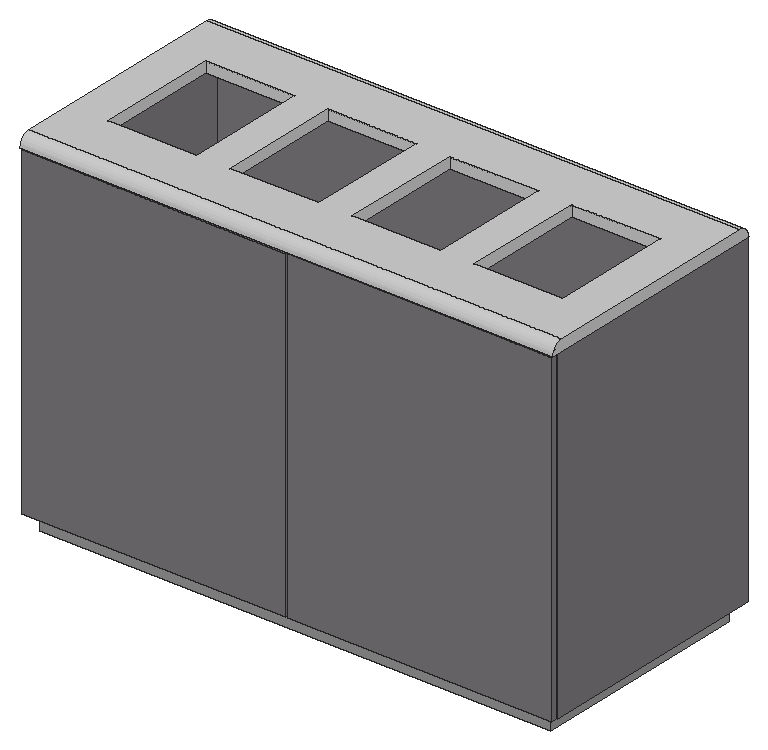
Revit family "PPP-NexSentials-ReForm-Waste_Receptacle", category Furniture, Revit 2014
Parameters (values of type "RF48, Waste Rec")
  op 4 = 36 1/2"  # constant formula
  op 3 = if(Width = 36", 25", 25 1/2")  # 25 1/2"
  op 2 = if(Width = 24", 13 1/2", if(Width = 36", 14", 14 1/2"))  # 14 1/2"
  Width = 48"
  URL = "www.peterpepper.com"
  Type Comments = "ReForm"  # constant formula
  Series = "NexSentials"  # constant formula
  Salvage or Reuse = yes
  Percentage of Recycled Content = 0
  Open 4 = if(Width = 48", 31", 28")  # 31"
  Open 3 = if(Width > 35", 31", 28")  # 31"
  op 1 = if(Width = 24", 2 1/2", if(Width = 36", 3", 3 1/2"))  # 3 1/2"
  Model = "RF48"
  Material = ""
  Manufacturer = "PPP"  # constant formula
  Low Emitting Material = yes
  Low Emitting Finish = yes
  Keynote = "12500"
  Height = 32"
  Glides = PPP Plastic - Black
  Doors = PPP Laminate - Graphite 8829-58
  Description = "Waste Receptacle, Top Opening,  48\"w x 32\"h x 22\"d"
  Depth = 22"
  Body [instance] = PPP Laminate - Graphite 8829-58
  Top [instance] = PPP Metal - Aluminum Metallic
  Assembly Code = "E2020200"
  4 opn = yes
  2 Panel = yes
  1 Panel = no
Types (3): name | op 3 | op 2 | Width | Open 4 | Open 3 | op 1 | Model | Description | 4 opn | 2 Panel | 1 Panel
  RF24, Waste Rec | 25 1/2" | 13 1/2" | 24" | 28" | 28" | 2 1/2" | "RF24" | "Waste Receptacle, Top Opening, 24\"w x 32\"h x 22\"d" | no | no | yes
  RF48, Waste Rec | 25 1/2" | 14 1/2" | 48" | 31" | 31" | 3 1/2" | "RF48" | "Waste Receptacle, Top Opening,  48\"w x 32\"h x 22\"d" | yes | yes | no
  RF36, Waste Rec | 25" | 14" | 36" | 28" | 31" | 3" | "RF36" | "Waste Receptacle, Top Opening,  36\"w x 32\"h x 22\"d" | no | yes | no
Reference planes (in)
  plane 1 "Center Front/Back": y = 0
  plane 2: z = 0
  plane 3 "Center Left/Right": x = 12
  plane 4: y = 11
  plane 5: y = -11
  plane 6: x = 36
  plane 7: x = -12
  plane 8: z = 32
  plane 9: z = 1.5
  plane 10: x = 35.5
  plane 11: y = 10.5
  plane 12: x = -11.5
  plane 13: y = -10.5
  plane 14: z = 31
  plane 15: z = 29.27781
  plane 16: z = 31
  plane 17: z = 31
  plane 18: z = 32
  plane 19: z = 32
Forms (in)
  Extrusion 1, solid, material "PPP Plastic - Black" <- "Glides"
    sketch origin (-12.7212, -180, 32) x (-1, 0, 0) y (0, -1, 0)
      loop
        line (-1.7212, -190) -> (-1.7212, -170) -> (-47.7212, -170) -> (-47.7212, -190) -> (-1.7212, -190)
    from -32 to -30.5
  Extrusion 2, solid, material "PPP Laminate - Graphite 8829-58" <- "Body"
    sketch origin (-12.7212, -180, 32) x (-1, 0, 0) y (0, -1, 0)
      loop
        line (-0.7212, -191) -> (-0.7212, -169.5) -> (-1.2212, -169.5) -> (-1.2212, -190.5) -> (-48.2212, -190.5) -> (-48.2212, -169.5) -> (-48.7212, -169.5) -> (-48.7212, -191) -> (-0.7212, -191)
    from -30.5 to -1
  Extrusion 3, solid, material "PPP Metal - Aluminum Metallic" <- "Top"
    sketch origin (12, 0, 0) x (0, 1, 0) y (0, 0, 1)
      loop
        line (-11, 31) -> (11, 31)
        arc (11, 31) -> (10.70711, 31.70711) -> (10, 32) r 1
        line (10, 32) -> (-10, 32)
        arc (-10, 32) -> (-10.70711, 31.70711) -> (-11, 31) r 1
    from -24 to 24
  Extrusion 4, void
    sketch origin (-0.65515, -180, 32) x (-1, 0, 0) y (0, -1, 0)
      loop
        line (7.84485, -174.5) -> (-0.15515, -174.5) -> (-0.15515, -185.5) -> (7.84485, -185.5) -> (7.84485, -174.5)
    from -1 to 0
  Extrusion 5, void
    sketch origin (28.34485, -180, 32) x (-1, 0, 0) y (0, -1, 0)
      loop
        line (14.84485, -174.5) -> (6.84485, -174.5) -> (6.84485, -185.5) -> (14.84485, -185.5) -> (14.84485, -174.5)
    from -1 to 0
  Extrusion 6, void
    sketch origin (56.34485, -180, 32) x (-1, 0, 0) y (0, -1, 0)
      loop
        line (31.84485, -174.5) -> (23.84485, -174.5) -> (23.84485, -185.5) -> (31.84485, -185.5) -> (31.84485, -174.5)
    from -1 to 0
  Extrusion 7, void
    sketch origin (-12.7212, -180, 31) x (-1, 0, 0) y (0, -1, 0)
      loop
        line (-15.2212, -174.5) -> (-23.2212, -174.5) -> (-23.2212, -185.5) -> (-15.2212, -185.5) -> (-15.2212, -174.5)
    from 0 to 1
Cuts and joins
  Extrusion 4, Extrusion 5, Extrusion 6, Extrusion 7 cuts Extrusion 3
Lines and regions (in)
  symbolic lines
    curve 1: line (-12, 11, 32) -> (36, 11, 32)
    curve 2: line (-12, -11, 32) -> (-12, 11, 32)
    curve 3: line (36, -11, 32) -> (-12, -11, 32)
    curve 4: line (36, 11, 32) -> (36, -11, 32)
    curve 11: line (-0.5, 5.5, 31) -> (-8.5, 5.5, 31)
    curve 12: line (-8.5, 5.5, 31) -> (-8.5, -5.5, 31)
    curve 13: line (-8.5, -5.5, 31) -> (-0.5, -5.5, 31)
    curve 14: line (-0.5, -5.5, 31) -> (-0.5, 5.5, 31)
    curve 15: line (2.5, 5.5, 31) -> (2.5, -5.5, 31)
    curve 16: line (10.5, 5.5, 31) -> (2.5, 5.5, 31)
    curve 17: line (10.5, -5.5, 31) -> (10.5, 5.5, 31)
    curve 18: line (2.5, -5.5, 31) -> (10.5, -5.5, 31)
  symbolic lines, style "FurnitureHiddenLines", visible <- "1 Panel", detail levels medium+fine
    curve 5: line (-12, -11, 32) -> (32.78461, -28.27248, 32)
    curve 6: arc (36, -11, 32) -> (35.18931, -19.78461, 32) -> (32.78461, -28.27248, 32) r 48
  symbolic lines, style "FurnitureHiddenLines", visible <- "2 Panel", detail levels medium+fine
    curve 7: line (-12, -11, 32) -> (10.3923, -19.63624, 32)
    curve 8: arc (12, -11, 32) -> (11.59465, -15.3923, 32) -> (10.3923, -19.63624, 32) r 24
    curve 9: line (36, -11, 32) -> (13.6077, -19.63624, 32)
    curve 10: arc (12, -11, 32) -> (12.40535, -15.3923, 32) -> (13.6077, -19.63624, 32) r 24
  symbolic lines, visible <- "2 Panel"
    curve 19: line (13.5, -5.5, 31) -> (21.5, -5.5, 31)
    curve 20: line (13.5, 5.5, 31) -> (13.5, -5.5, 31)
    curve 21: line (21.5, 5.5, 31) -> (13.5, 5.5, 31)
    curve 22: line (21.5, -5.5, 31) -> (21.5, 5.5, 31)
  symbolic lines, visible <- "4 opn"
    curve 23: line (24.5, -5.5, 31) -> (32.5, -5.5, 31)
    curve 24: line (24.5, 5.5, 31) -> (24.5, -5.5, 31)
    curve 25: line (32.5, 5.5, 31) -> (24.5, 5.5, 31)
    curve 26: line (32.5, -5.5, 31) -> (32.5, 5.5, 31)
Dimensions and locks (in)
  equal spacing: plane 7, plane 3 "Center Left/Right", plane 6
  equal spacing: plane 4, plane 1 "Center Front/Back", plane 5
  "Depth": plane 4 to plane 5
  "Width": plane 7 to plane 6
  "Height": plane 8 to plane 2
  locked: plane 9 to plane 2 at 1.5
  locked: plane 7 to plane 12 at 0.5
  locked: plane 10 to plane 6 at 0.5
  locked: plane 4 to plane 11 at 0.5
  locked: plane 13 to plane 5 at 0.5
  locked: plane 4 to Extrusion 1 sketch curve at 1
  locked: Extrusion 1 sketch curve to plane 5 at 1
  locked: plane 7 to Extrusion 1 sketch curve at 1
  locked: Extrusion 1 sketch curve to plane 6 at 1
  locked: plane 8 to plane 14 at 1
  locked: Extrusion 4 sketch curve to Extrusion 4 sketch curve at 8
  locked: Extrusion 4 sketch curve to Extrusion 4 sketch curve at 11
  locked: Extrusion 5 sketch curve to Extrusion 5 sketch curve at 8
  locked: Extrusion 5 sketch curve to Extrusion 5 sketch curve at 11
  locked: Extrusion 6 sketch curve to Extrusion 6 sketch curve at 8
  locked: Extrusion 6 sketch curve to Extrusion 6 sketch curve at 11
  "Open 4": plane 17 to level
  plane 18 to plane 17 = 1"
  locked: plane 19 to plane 16 at 1
  "Open 3": plane 16 to level
  locked: Extrusion 7 sketch curve to Extrusion 7 sketch curve at 8
  locked: Extrusion 7 sketch curve to Extrusion 7 sketch curve at 11
  "op 1": plane 7 to Extrusion 4
  "op 2": plane 7 to Extrusion 7
  "op 3": plane 7 to Extrusion 5
  "op 4": plane 7 to Extrusion 6
  aligned and locked: level to plane 2
  aligned and locked: Extrusion 1 to plane 2
  aligned and locked: Extrusion 1 to plane 9
  aligned and locked: Extrusion 2 sketch curve to plane 4
  aligned and locked: plane 7 to Extrusion 2 sketch curve
  aligned and locked: Extrusion 2 sketch curve to plane 6
  aligned and locked: Extrusion 2 sketch curve to plane 11
  aligned and locked: plane 12 to Extrusion 2 sketch curve
  aligned and locked: Extrusion 2 sketch curve to plane 13
  aligned and locked: Extrusion 2 sketch curve to plane 10
  aligned and locked: Extrusion 2 to plane 9
  aligned and locked: Extrusion 2 to plane 14
  aligned and locked: plane 1 "Center Front/Back" to nested 1
  aligned and locked: plane 3 "Center Left/Right" to nested 1
  aligned and locked: plane 6 to Extrusion 3
  aligned and locked: Extrusion 3 to plane 7
  aligned and locked: Extrusion 5 to plane 16
  aligned and locked: Extrusion 6 to plane 17
  aligned and locked: plane 18 to Extrusion 6
  aligned and locked: plane 19 to Extrusion 5
  aligned and locked: Extrusion 4 to plane 14
  aligned and locked: Extrusion 7 to plane 14
  aligned and locked: plane 8 to Extrusion 7
  aligned and locked: curve 11 to cut or joined group of Extrusion 3, Extrusion 4, Extrusion 5, Extrusion 6, Extrusion 7
  aligned and locked: curve 12 to cut or joined group of Extrusion 3, Extrusion 4, Extrusion 5, Extrusion 6, Extrusion 7
  aligned and locked: curve 13 to cut or joined group of Extrusion 3, Extrusion 4, Extrusion 5, Extrusion 6, Extrusion 7
  aligned and locked: curve 15 to cut or joined group of Extrusion 3, Extrusion 4, Extrusion 5, Extrusion 6, Extrusion 7
  aligned and locked: curve 16 to cut or joined group of Extrusion 3, Extrusion 4, Extrusion 5, Extrusion 6, Extrusion 7
  aligned and locked: curve 18 to cut or joined group of Extrusion 3, Extrusion 4, Extrusion 5, Extrusion 6, Extrusion 7
  aligned and locked: curve 14 to cut or joined group of Extrusion 3, Extrusion 4, Extrusion 5, Extrusion 6, Extrusion 7
  aligned and locked: curve 17 to cut or joined group of Extrusion 3, Extrusion 4, Extrusion 5, Extrusion 6, Extrusion 7
  aligned and locked: cut or joined group of Extrusion 3, Extrusion 4, Extrusion 5, Extrusion 6, Extrusion 7 to curve 21
  aligned and locked: curve 20 to cut or joined group of Extrusion 3, Extrusion 4, Extrusion 5, Extrusion 6, Extrusion 7
  aligned and locked: curve 19 to cut or joined group of Extrusion 3, Extrusion 4, Extrusion 5, Extrusion 6, Extrusion 7
  aligned and locked: curve 22 to cut or joined group of Extrusion 3, Extrusion 4, Extrusion 5, Extrusion 6, Extrusion 7
  aligned and locked: cut or joined group of Extrusion 3, Extrusion 4, Extrusion 5, Extrusion 6, Extrusion 7 to curve 25
  aligned and locked: curve 24 to cut or joined group of Extrusion 3, Extrusion 4, Extrusion 5, Extrusion 6, Extrusion 7
  aligned and locked: curve 23 to cut or joined group of Extrusion 3, Extrusion 4, Extrusion 5, Extrusion 6, Extrusion 7
  aligned and locked: curve 26 to cut or joined group of Extrusion 3, Extrusion 4, Extrusion 5, Extrusion 6, Extrusion 7
Automatic sketch dimensions
  Extrusion 2 sketch curve to plane 13 = 0"
  curve 6 to curve 8 = 0"  (x2)
  curve 6 to plane 5 = 0"
  curve 6 to plane 6 = 0"
  curve 10 to plane 6 = 0"
  curve 8 to plane 3 "Center Left/Right" = 0"
  curve 10 to plane 3 "Center Left/Right" = 0"
  curve 8 to plane 7 = 0"
  curve 5 to plane 7 = 0"
  curve 1 to plane 4 = 0"
  curve 5 to plane 10 = 2.71539"
  plane 3 "Center Left/Right" to curve 9 = 1.6077"
  curve 7 to curve 8 = 0"  (x2)
  Extrusion 3 sketch curve to plane 5 = 0"
  Extrusion 3 sketch curve to plane 8 = 0"
  Extrusion 3 sketch curve to plane 14 = 0"
  Extrusion 3 sketch curve to plane 4 = 0"
  Extrusion 4 sketch curve to plane 3 "Center Left/Right" = 12 1/2"
  Extrusion 4 sketch curve to plane 11 = 5"
  plane 13 to Extrusion 5 sketch curve = 5"
  Extrusion 5 sketch curve to plane 6 = 14 1/2"
  plane 13 to Extrusion 6 sketch curve = 5"
  Extrusion 6 sketch curve to plane 6 = 3 1/2"
  Extrusion 7 sketch curve to plane 6 = 25 1/2"
  Extrusion 7 sketch curve to plane 11 = 5"
Nested families (in)
  nested 1: "Door" at (12, 0, 0), 2 Panel <- "2 Panel", 1 Panel <- "1 Panel", Width <- "Width", Doors <- "Doors", type "Panel"
    with Width 48", Doors PPP Laminate - Graphite 8829-58, 2 Panel yes, 1 Panel no
Definition of nested family "Door"
  Parameters (values of type "Panel")
    Width [instance] = 48"
    URL = ""
    Type Comments = ""
    Series = ""
    Model = ""
    Manufacturer = ""
    Keynote = ""
    Height = 32"
    Doors [instance] = none
    Description = ""
    Depth = 22"
    Assembly Code = ""
    2 Panel [instance] = yes
    1 Panel [instance] = yes
  Reference planes (in)
    plane 1 "Center Front/Back": y = 0
    plane 2: z = 0
    plane 3 "Center Left/Right": x = 0
    plane 4: y = 11
    plane 5: y = -11
    plane 6: x = 24
    plane 7: x = -24
    plane 8: z = 32
    plane 9: z = 1.5
    plane 10: x = 23.5
    plane 11: y = 10.5
    plane 12: x = -23.5
    plane 13: y = -10.5
    plane 14: z = 31
    plane 15: x = 0.0625
    plane 16: x = -0.0625
    plane 17: z = 30.875
  Forms (in)
    Extrusion 1, solid, material <- "Doors", visible <- "2 Panel"
      sketch origin (-12.7212, -180, 32) x (-1, 0, 0) y (0, -1, 0)
        loop
          line (11.1538, -169.5) -> (11.1538, -169) -> (-12.6587, -169) -> (-12.6587, -169.5) -> (11.1538, -169.5)
        loop
          line (-12.7837, -169.5) -> (-12.7837, -169) -> (-36.5962, -169) -> (-36.5962, -169.5) -> (-12.7837, -169.5)
      from -30.5 to -1.125
    Extrusion 2, solid, material <- "Doors", visible <- "1 Panel"
      sketch origin (-12.7212, -180, 32) x (-1, 0, 0) y (0, -1, 0)
        loop
          line (11.1538, -169.5) -> (11.1538, -169) -> (-36.5962, -169) -> (-36.5962, -169.5) -> (11.1538, -169.5)
      from -30.5 to -1.125
  Dimensions and locks (in)
    equal spacing: plane 7, plane 3 "Center Left/Right", plane 6
    equal spacing: plane 4, plane 1 "Center Front/Back", plane 5
    "Depth": plane 4 to plane 5
    "Width": plane 7 to plane 6
    "Height": plane 8 to plane 2
    locked: plane 9 to plane 2 at 1.5
    locked: plane 7 to plane 12 at 0.5
    locked: plane 10 to plane 6 at 0.5
    locked: plane 4 to plane 11 at 0.5
    locked: plane 13 to plane 5 at 0.5
    plane 16 to plane 3 "Center Left/Right" to plane 15 = 1/16" locked, 1/16" locked
    locked: Extrusion 1 sketch curve to plane 6 at 0.125
    locked: plane 7 to Extrusion 1 sketch curve at 0.125
    locked: plane 8 to plane 17 at 1.125
    aligned and locked: level to plane 2
    aligned and locked: Extrusion 1 sketch curve to plane 13
    aligned and locked: Extrusion 1 sketch curve to plane 5
    aligned and locked: Extrusion 1 sketch curve to plane 16
    aligned and locked: Extrusion 1 sketch curve to plane 15
    aligned and locked: Extrusion 1 to plane 9
    aligned and locked: Extrusion 2 sketch curve to Extrusion 1  (x4)
    aligned and locked: Extrusion 2 to plane 9
    aligned and locked: plane 17 to Extrusion 2
    aligned and locked: Extrusion 1 to Extrusion 2
  Automatic sketch dimensions
    Extrusion 1 sketch curve to Extrusion 1 sketch curve = 0"  (x2)
